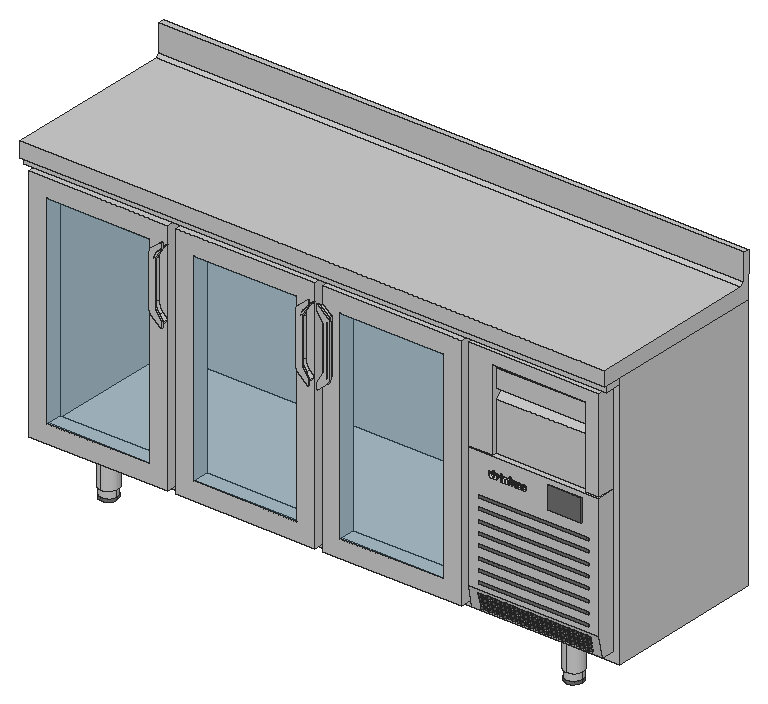
Revit family "QF_INFRICO_FMPP2000CR_250812104341", category Specialty Equipment, Revit 2021 (continued)
Definition of nested family "QF_INFRICO_WORKTOP_BACKSPLASH_7308"
  Types (30, lengths in mm): name | Model | Length | Description | Depth
    ENC12CPBM15 | "ENC12CPBM15" | 1468 | "WORKTOP WITH BACKSPLASH" | 600
    ENC12CPBM25 | "ENC12CPBM25" | 2452 | "WORKTOP WITH BACKSPLASH" | 600
    ENC12CPBM15R | "ENC12CPBM15R" | 1160 | "WORKTOP WITH BACKSPLASH" | 600
    ENC12CPBM20R | "ENC12CPBM20R" | 1652 | "WORKTOP WITH BACKSPLASH" | 600
    ENC12CPBM25R | "ENC12CPBM25R" | 2144 | "WORKTOP WITH BACKSPLASH" | 600
    ENC12CPME10 | "ENC12CPME10" | 978 | "WORKTOP WITH BACKSPLASH" | 700
    ENC12CPME14 | "ENC12CPME14" | 1460 | "WORKTOP WITH BACKSPLASH" | 700
    ENC12CPMC8 | "ENC12CPGN19" | 820 | "WORKTOP WITH BACKSPLASH" | 600
    ENC12CPMC10 | "ENC12CPGN19" | 1000 | "WORKTOP WITH BACKSPLASH" | 600
    ENC12CPMC15 | "ENC12CPGN19" | 1468 | "WORKTOP WITH BACKSPLASH" | 600
    BKSP10_30 | "BKSP10_30" | 1000 | "WORKTOP WITH BACKSPLASH 1000_300" | 300
    BKSP15_60 | "BKSP15_60" | 1468 | "WORKTOP WITH BACKSPLASH 1500_600" | 600
    BKSP15_30 | "BKSP15_30" | 1468 | "WORKTOP WITH BACKSPLASH 1500_300" | 300
    BKSP20_30 | "BKSP20_30" | 1960 | "WORKTOP WITH BACKSPLASH 2000_300" | 300
    BKSP20_60 | "BKSP20_60" | 1960 | "WORKTOP WITH BACKSPLASH 2000_600" | 600
    BKSP10_60 | "BKSP10_60" | 1000 | "WORKTOP WITH BACKSPLASH 1000_600" | 600
    BKSP10_70_MT | "BKSP10_70_MT" | 1000 | "WORKTOP WITH BACKSPLASH 1000_700" | 700
    BKSP15_60_MT | "BKSP15_60_MT" | 1500 | "WORKTOP WITH BACKSPLASH 1500_600" | 600
    BKSP15_70_MT | "BKSP15_70_MT" | 1500 | "WORKTOP WITH BACKSPLASH 1500_700" | 700
    BKSP20_60_MT | "BKSP20_60_MT" | 2000 | "WORKTOP WITH BACKSPLASH 2000_600" | 600
    BKSP20_70_MT | "BKSP20_70_MT" | 2000 | "WORKTOP WITH BACKSPLASH 2000_700" | 700
    BKSP25_30 | "BKSP25_30" | 2452 | "WORKTOP WITH BACKSPLASH 2500_300" | 300
    BKSP25_60 | "BKSP25_60" | 2452 | "WORKTOP WITH BACKSPLASH 2500_600" | 600
  Reference planes
    plane 1 "Back": y = 0
    plane 2: z = 0
    plane 3 "Left": x = 0
    plane 4 "Right": x = 1000
    plane 5 "Front": y = -600
    plane 6 "Top": z = 150.03
  Forms (mm)
    Extrusion 1, solid
      sketch origin (0, 0, -660) x (0, 1, 0) y (0, 0, 1)
        loop
          line (0, 660) -> (0, 810.03) -> (-20, 810.03) -> (-20, 720.071) -> (-30.071, 710) -> (-600, 710) -> (-600, 660) -> (0, 660)
      from 0 to 1000
  Lines and regions (mm)
    symbolic lines
      curve 1: line (0, -600, 0) -> (1000, -600, 0)
      curve 2: line (0, 0, 0) -> (0, -600, 0)
      curve 3: line (1000, -600, 0) -> (1000, 0, 0)
      curve 4: line (1000, 0, 0) -> (0, 0, 0)
      curve 5: line (0, -20, 0) -> (1000, -20, 0)
  Dimensions and locks
    plane 6 "Top" to level = 150.03 mm
    plane 4 "Right" to plane 3 "Left" = 1000 mm
    "Length": plane 3 "Left" to plane 4 "Right"
    "Depth": plane 5 "Front" to plane 1 "Back"
    aligned and locked: level to plane 2
    aligned and locked: Extrusion 1 to plane 4 "Right"
  Automatic sketch dimensions
    curve 1 to plane 3 "Left" = 0 mm
    plane 1 "Back" to curve 4 = 0 mm
    curve 4 to plane 4 "Right" = 0 mm
    curve 1 to plane 5 "Front" = 0 mm
    plane 1 "Back" to curve 5 = 20 mm
    Extrusion 1 sketch curve to level = 0 mm
    Extrusion 1 sketch curve to plane 5 "Front" = 0 mm
    Extrusion 1 sketch curve to plane 6 "Top" = 0 mm
    Extrusion 1 sketch curve to plane 1 "Back" = 0 mm
    plane 1 "Back" to Extrusion 1 sketch curve = 30.071 mm
    Extrusion 1 sketch curve to Extrusion 1 sketch curve = 10.071 mm  (x2)
    level to Extrusion 1 sketch curve = 50 mm
Definition of nested family "QF_INFRICO_LEGS_8144"
  Parameters (values of type "LEGS_2190_740")
    Weight [instance] = 0.00 kg
    Warranty Start Date [instance] = ""
    Warranty Duration [instance] = ""
    URL Cutsheet [instance] = ""
    URL = "www.infrico.com"
    Technical Documentation [instance] = ""
    Tag Number [instance] = ""
    Status [instance] = ""
    Specification by User [instance] = ""
    Specification by Manufacturer [instance] = ""
    Sound Level [instance] = ""
    Solid Fuel Type [instance] = ""
    Show Logo [instance] = yes
    Show Clearances [instance] = yes
    Show Clearance [instance] = yes
    Service Life Duration [instance] = ""
    Serial Number [instance] = ""
    Seismic Rating [instance] = ""
    SMACNA No [instance] = ""
    Revision Code [instance] = ""
    Revision [instance] = ""
    Production Year [instance] = ""
    Point Load [instance] = 0
    Other Equipment Approvals [instance] = ""
    NAFEM Spec ID Number [instance] = ""
    Model Warning [instance] = ""
    Model = "LEGS_2190_740"
    Masterspec [instance] = ""
    Manufacturer = "INFRICO"
    Length Actual [instance] = 0 mm
    Length = 2185 mm
    Item Number [instance] = ""
    Installed By [instance] = ""
    Installation Date [instance] = ""
    Identify Quantity as Lot [instance] = yes
    ID [instance] = ""
    Hygiene Approval [instance] = ""
    Height Actual [instance] = 0 mm
    Height = 140 mm
    Furnished By [instance] = ""
    Foodservice Equipment Identifier [instance] = yes
    ETL Approved [instance] = yes
    Description = "LEGS"
    Depth Actual [instance] = 0 mm
    Depth = 738 mm
    Default Elevation = 0 mm
    CentralLegs = if(or(Length > 2200 mm, Length = 2144 mm), 2 > 1, 2 < 1)  # no
    CSI MasterFormat [instance] = ""
    CE Approved [instance] = yes
    Barcode [instance] = ""
    Author [instance] = ""
    Asset Identifier [instance] = ""
    Assembly Code = "E1090320"
    Accessory [instance] = yes
  Types (29, lengths in mm): name | Model | Length | Height | Depth | CentralLegs
    LEGS_1960_700 | "LEGS_1960_700" | 1960 | 140 | 700 | no
    LEGS_1470_700 | "LEGS_1470_700" | 1468 | 140 | 700 | no
    LEGS_2450_700 | "LEGS_2450_700" | 2452 | 140 | 700 | yes
    LEGS_1470_600 | "LEGS_1470_600" | 1468 | 140 | 600 | no
    LEGS_1960_600 | "LEGS_1960_600" | 1960 | 140 | 600 | no
    LEGS_2450_600 | "LEGS_2450_600" | 2452 | 140 | 600 | yes
    LEGS_1610_800 | "LEGS_1610_800" | 1618 | 140 | 800 | no
    LEGS_2190_800 | "LEGS_2190_800" | 2185 | 140 | 800 | no
    LEGS_2750_800 | "LEGS_2750_800" | 2752 | 140 | 800 | yes
    LEGS_1160_700 | "LEGS_1160_700" | 1160 | 140 | 700 | no
    LEGS_1650_700 | "LEGS_1650_700" | 1652 | 140 | 700 | no
    LEGS_2140_700 | "LEGS_2140_700" | 2144 | 140 | 700 | yes
    LEGS_1960_640 | "LEGS_1960_640" | 1960 | 140 | 638 | no
    LEGS_1470_640 | "LEGS_1470_640" | 1468 | 140 | 638 | no
    LEGS_1160_600 | "LEGS_1160_600" | 1160 | 140 | 600 | no
    LEGS_1650_600 | "LEGS_1650_600" | 1652 | 140 | 600 | no
    LEGS_1310_800 | "LEGS_1310_800" | 1310 | 140 | 800 | no
    LEGS_1890_800 | "LEGS_1890_800" | 1877 | 140 | 800 | no
    LEGS_2440_800 | "LEGS_2440_800" | 2444 | 140 | 800 | yes
    LEGS_1610_740 | "LEGS_1610_740" | 1618 | 140 | 738 | no
    LEGS_2190_740 | "LEGS_2190_740" | 2185 | 140 | 738 | no
    LEGS_2140_600 | "LEGS_2140_600" | 2144 | 140 | 600 | yes
    LEGS_980_800 | "LEGS_980_800" | 980 | 150 | 800 | no
    LEGS_1470_800 | "LEGS_1470_800" | 1468 | 150 | 800 | no
    LEGS_1740_800 | "LEGS_1740_800" | 1738 | 140 | 800 | no
    LEGS_2300_800 | "LEGS_2300_800" | 2305 | 140 | 800 | yes
    LEGS_1690_800 | "LEGS_1690_800" | 1693 | 140 | 800 | no
    LEGS_2260_800 | "LEGS_2260_800" | 2260 | 140 | 800 | yes
    LEGS_1460_700 | "LEGS_1460_700" | 1460 | 140 | 700 | no
  Reference planes
    plane 1 "Back": y = 0
    plane 2: z = 0
    plane 3 "Left": x = 0
    plane 4 "Right": x = 2185
    plane 5 "Front": y = -738
    plane 6 "Top": z = 140
    plane 7 "Central": x = 1092.5
  Forms (mm)
    Extrusion 1, solid
      sketch origin (0, 0, 140) x (0, 1, 0) y (-1, 0, 0)
        loop
          line (-568, -154.986) -> (-668, -154.986) -> (-668, -244.986) -> (-568, -244.986) -> (-568, -154.986)
      from 0 to -3
    Extrusion 2, solid
      sketch origin (0, 0, 0) x (1, 0, 0) y (0, 1, 0)
        loop
          circle (199.986, -618) r 28
      from 9 to 35
    Extrusion 3, solid
      sketch origin (0, 0, 0) x (1, 0, 0) y (0, 1, 0)
        loop
          circle (199.986, -618) r 28.5
      from 0 to 9
    Sweep 4, solid
      path origin (0, 0, 0) x (0, 1, 0) y (0, 0, 1)
        loop
          line (-618, 35) -> (-618, 137)
      profile origin (0, -618, 86) x (0, -1, 0) y (1, 0, 0)
        loop
          circle (0, 199.986) r 32
    Extrusion 5, solid
      sketch origin (0, 500, 140) x (0, 1, 0) y (-1, 0, 0)
        loop
          line (-530, -154.986) -> (-630, -154.986) -> (-630, -244.986) -> (-530, -244.986) -> (-530, -154.986)
      from 0 to -3
    Extrusion 6, solid
      sketch origin (0, 500, 0) x (1, 0, 0) y (0, 1, 0)
        loop
          circle (199.986, -580) r 28
      from 9 to 35
    Extrusion 7, solid
      sketch origin (0, 500, 0) x (1, 0, 0) y (0, 1, 0)
        loop
          circle (199.986, -580) r 28.5
      from 0 to 9
    Sweep 8, solid
      path origin (0, 500, 0) x (0, 1, 0) y (0, 0, 1)
        loop
          line (-580, 35) -> (-580, 137)
      profile origin (0, -80, 86) x (0, -1, 0) y (1, 0, 0)
        loop
          circle (0, 199.986) r 32
    Extrusion 9, solid
      sketch origin (1560, 0, 140) x (0, 1, 0) y (-1, 0, 0)
        loop
          line (-568, -379.986) -> (-668, -379.986) -> (-668, -469.986) -> (-568, -469.986) -> (-568, -379.986)
      from 0 to -3
    Extrusion 10, solid
      sketch origin (1560, 0, 0) x (1, 0, 0) y (0, 1, 0)
        loop
          circle (424.986, -618) r 28
      from 9 to 35
    Extrusion 11, solid
      sketch origin (1560, 0, 0) x (1, 0, 0) y (0, 1, 0)
        loop
          circle (424.986, -618) r 28.5
      from 0 to 9
    Sweep 12, solid
      path origin (2185, 0, 0) x (0, -1, 0) y (0, 0, 1)
        loop
          line (618, 35) -> (618, 137)
      profile origin (2185, -618, 86) x (0, 1, 0) y (-1, 0, 0)
        loop
          circle (0, 199.986) r 32
    Extrusion 13, solid
      sketch origin (1560, 500, 140) x (0, 1, 0) y (-1, 0, 0)
        loop
          line (-530, -379.986) -> (-630, -379.986) -> (-630, -469.986) -> (-530, -469.986) -> (-530, -379.986)
      from 0 to -3
    Extrusion 14, solid
      sketch origin (1560, 500, 0) x (1, 0, 0) y (0, 1, 0)
        loop
          circle (424.986, -580) r 28
      from 9 to 35
    Extrusion 15, solid
      sketch origin (1560, 500, 0) x (1, 0, 0) y (0, 1, 0)
        loop
          circle (424.986, -580) r 28.5
      from 0 to 9
    Sweep 16, solid
      path origin (2185, 0, 0) x (0, -1, 0) y (0, 0, 1)
        loop
          line (80, 35) -> (80, 137)
      profile origin (2185, -80, 86) x (0, 1, 0) y (-1, 0, 0)
        loop
          circle (0, 199.986) r 32
    Extrusion 17, solid, visible <- "CentralLegs"
      sketch origin (534.014, 0, 140) x (0, 1, 0) y (-1, 0, 0)
        loop
          line (-568, -513.486) -> (-668, -513.486) -> (-668, -603.486) -> (-568, -603.486) -> (-568, -513.486)
      from 0 to -3
    Extrusion 18, solid, visible <- "CentralLegs"
      sketch origin (534.014, 0, 0) x (1, 0, 0) y (0, 1, 0)
        loop
          circle (558.486, -618) r 28
      from 9 to 35
    Extrusion 19, solid, visible <- "CentralLegs"
      sketch origin (534.014, 0, 0) x (1, 0, 0) y (0, 1, 0)
        loop
          circle (558.486, -618) r 28.5
      from 0 to 9
    Sweep 20, solid, visible <- "CentralLegs"
      path origin (1092.5, 0, 0) x (0, -1, 0) y (0, 0, 1)
        loop
          line (618, 35) -> (618, 137)
      profile origin (1092.5, -618, 86) x (0, 1, 0) y (-1, 0, 0)
        loop
          circle (0, -0.014) r 32
    Extrusion 21, solid, visible <- "CentralLegs"
      sketch origin (534.014, 500, 140) x (0, 1, 0) y (-1, 0, 0)
        loop
          line (-530, -513.486) -> (-630, -513.486) -> (-630, -603.486) -> (-530, -603.486) -> (-530, -513.486)
      from 0 to -3
    Extrusion 22, solid, visible <- "CentralLegs"
      sketch origin (534.014, 500, 0) x (1, 0, 0) y (0, 1, 0)
        loop
          circle (558.486, -580) r 28
      from 9 to 35
    Extrusion 23, solid, visible <- "CentralLegs"
      sketch origin (534.014, 500, 0) x (1, 0, 0) y (0, 1, 0)
        loop
          circle (558.486, -580) r 28.5
      from 0 to 9
    Sweep 24, solid, visible <- "CentralLegs"
      path origin (1092.5, 0, 0) x (0, -1, 0) y (0, 0, 1)
        loop
          line (80, 35) -> (80, 137)
      profile origin (1092.5, -80, 86) x (0, 1, 0) y (-1, 0, 0)
        loop
          circle (0, -0.014) r 32
  Dimensions and locks
    "Length": plane 3 "Left" to plane 4 "Right"
    "Depth": plane 1 "Back" to plane 5 "Front"
    "Height": plane 6 "Top" to plane 2
    equal spacing: plane 3 "Left", plane 7 "Central", plane 4 "Right"
    locked: Sweep 20 sketch curve to profile plane at 0.014
    locked: Sweep 24 sketch curve to profile plane at 0.014
    aligned and locked: level to plane 2
  Automatic sketch dimensions
    plane 5 "Front" to Extrusion 1 sketch curve = 70 mm
    Extrusion 1 sketch curve to Extrusion 1 sketch curve = 100 mm
    plane 3 "Left" to Extrusion 1 sketch curve = 244.986 mm
    Extrusion 1 sketch curve to Extrusion 1 sketch curve = 90 mm
    plane 3 "Left" to Extrusion 2 sketch curve = 199.986 mm
    plane 5 "Front" to Extrusion 2 sketch curve = 120 mm
    plane 3 "Left" to Extrusion 3 sketch curve = 199.986 mm
    plane 5 "Front" to Extrusion 3 sketch curve = 120 mm
    Sweep 4 sketch curve to plane 6 "Top" = 3 mm
    plane 5 "Front" to Sweep 4 sketch curve = 120 mm
    level to Sweep 4 sketch curve = 35 mm
    Sweep 4 sketch curve to profile plane = 0 mm
    plane 3 "Left" to Sweep 4 sketch curve = 199.986 mm
    plane 1 "Back" to Extrusion 5 sketch curve = 130 mm
    plane 1 "Back" to Extrusion 5 sketch curve = 30 mm
    plane 3 "Left" to Extrusion 5 sketch curve = 244.986 mm
    Extrusion 5 sketch curve to Extrusion 5 sketch curve = 90 mm
    plane 1 "Back" to Extrusion 6 sketch curve = 80 mm
    plane 3 "Left" to Extrusion 6 sketch curve = 199.986 mm
    plane 1 "Back" to Extrusion 7 sketch curve = 80 mm
    plane 3 "Left" to Extrusion 7 sketch curve = 199.986 mm
    Sweep 8 sketch curve to plane 6 "Top" = 3 mm
    plane 1 "Back" to Sweep 8 sketch curve = 80 mm
    level to Sweep 8 sketch curve = 35 mm
    Sweep 8 sketch curve to profile plane = 0 mm
    plane 3 "Left" to Sweep 8 sketch curve = 199.986 mm
    plane 5 "Front" to Extrusion 9 sketch curve = 70 mm
    Extrusion 9 sketch curve to Extrusion 9 sketch curve = 100 mm
    plane 4 "Right" to Extrusion 9 sketch curve = 155.014 mm
    Extrusion 9 sketch curve to Extrusion 9 sketch curve = 90 mm
    plane 4 "Right" to Extrusion 10 sketch curve = 200.014 mm
    plane 5 "Front" to Extrusion 10 sketch curve = 120 mm
    plane 4 "Right" to Extrusion 11 sketch curve = 200.014 mm
    plane 5 "Front" to Extrusion 11 sketch curve = 120 mm
    Sweep 12 sketch curve to profile plane = 0 mm
    profile plane to Sweep 12 sketch curve = 199.986 mm
    plane 1 "Back" to Extrusion 13 sketch curve = 130 mm
    plane 1 "Back" to Extrusion 13 sketch curve = 30 mm
    plane 4 "Right" to Extrusion 13 sketch curve = 155.014 mm
    Extrusion 13 sketch curve to Extrusion 13 sketch curve = 90 mm
    plane 1 "Back" to Extrusion 14 sketch curve = 80 mm
    plane 4 "Right" to Extrusion 14 sketch curve = 200.014 mm
    plane 1 "Back" to Extrusion 15 sketch curve = 80 mm
    plane 4 "Right" to Extrusion 15 sketch curve = 200.014 mm
    Sweep 16 sketch curve to profile plane = 0 mm
    profile plane to Sweep 16 sketch curve = 199.986 mm
    plane 5 "Front" to Extrusion 17 sketch curve = 70 mm
    Extrusion 17 sketch curve to plane 7 "Central" = 45 mm
    Extrusion 17 sketch curve to Extrusion 17 sketch curve = 100 mm
    plane 7 "Central" to Extrusion 17 sketch curve = 45 mm
    Extrusion 18 sketch curve to plane 7 "Central" = 0 mm
    plane 5 "Front" to Extrusion 18 sketch curve = 120 mm
    Extrusion 19 sketch curve to plane 7 "Central" = 0 mm
    plane 5 "Front" to Extrusion 19 sketch curve = 120 mm
    Sweep 20 sketch curve to profile plane = 0 mm
    plane 7 "Central" to Extrusion 21 sketch curve = 45 mm
    plane 1 "Back" to Extrusion 21 sketch curve = 130 mm
    plane 1 "Back" to Extrusion 21 sketch curve = 30 mm
    Extrusion 21 sketch curve to plane 7 "Central" = 45 mm
    Extrusion 22 sketch curve to plane 7 "Central" = 0 mm
    plane 1 "Back" to Extrusion 22 sketch curve = 80 mm
    Extrusion 23 sketch curve to plane 7 "Central" = 0 mm
    plane 1 "Back" to Extrusion 23 sketch curve = 80 mm
    Sweep 24 sketch curve to profile plane = 0 mm
    Sweep 16 sketch curve to plane 6 "Top" = 3 mm
    plane 1 "Back" to Sweep 16 sketch curve = 80 mm
    level to Sweep 16 sketch curve = 35 mm
    Sweep 12 sketch curve to plane 6 "Top" = 3 mm
    plane 5 "Front" to Sweep 12 sketch curve = 120 mm
    level to Sweep 12 sketch curve = 35 mm
    Sweep 20 sketch curve to plane 6 "Top" = 3 mm
    plane 5 "Front" to Sweep 20 sketch curve = 120 mm
    level to Sweep 20 sketch curve = 35 mm
    Sweep 24 sketch curve to plane 6 "Top" = 3 mm
    plane 1 "Back" to Sweep 24 sketch curve = 80 mm
    level to Sweep 24 sketch curve = 35 mm
    radius of Extrusion 2 sketch curve = 28 mm
    radius of Extrusion 3 sketch curve = 28.5 mm
    radius of Sweep 4 sketch curve = 32 mm
    radius of Extrusion 6 sketch curve = 28 mm
    radius of Extrusion 7 sketch curve = 28.5 mm
    radius of Sweep 8 sketch curve = 32 mm
    radius of Extrusion 10 sketch curve = 28 mm
    radius of Extrusion 11 sketch curve = 28.5 mm
    radius of Sweep 12 sketch curve = 32 mm
    radius of Extrusion 14 sketch curve = 28 mm
    radius of Extrusion 15 sketch curve = 28.5 mm
    radius of Sweep 16 sketch curve = 32 mm
    radius of Extrusion 18 sketch curve = 28 mm
    radius of Extrusion 19 sketch curve = 28.5 mm
    radius of Sweep 20 sketch curve = 32 mm
    radius of Extrusion 22 sketch curve = 28 mm
    radius of Extrusion 23 sketch curve = 28.5 mm
    radius of Sweep 24 sketch curve = 32 mm
Definition of nested family "CONN_POINT_DRAIN_2D___Generic_Annotation"
  Parameters (values of type "CONN_POINT_DRAIN_2D___Generic_Annotation")
    Onboard connection annotation symbol visibility [instance] = yes
  Reference planes
    plane 1: y = 0
    plane 2: x = 0
  Lines and regions (mm)
    detail lines, visible <- "Onboard connection annotation symbol visibility"
      curve 1: circle (0, 0, 0) r 0.5 normal (0, 0, 1)
      curve 2: line (-1, 0, 0) -> (1, 0, 0)
      curve 3: line (0, 1, 0) -> (0, -1, 0)
      curve 4: line (1.776, 1, 0) -> (1.25, 1, 0)
      curve 5: line (1.25, 1, 0) -> (1.25, -1, 0)
      curve 6: line (1.25, -1, 0) -> (1.776, -1, 0)
      curve 7: arc (2.206, -0.862, 0) -> (2.459, -0.589, 0) -> (2.583, -0.238, 0) r 0.918
      curve 8: arc (2.583, 0.238, 0) -> (2.459, 0.589, 0) -> (2.206, 0.862, 0) r 0.918
      curve 9: arc (2.583, -0.238, 0) -> (2.599, 0, 0) -> (2.583, 0.238, 0) r 1.77
      curve 10: arc (2.206, 0.862, 0) -> (2.002, 0.965, 0) -> (1.776, 1, 0) r 0.741
      curve 11: arc (1.776, -1, 0) -> (2.002, -0.965, 0) -> (2.206, -0.862, 0) r 0.741
Definition of nested family "CONN_POINT_ELE_2D___Generic_Annotation"
  Parameters (values of type "CONN_POINT_ELE_2D___Generic_Annotation")
    Onboard connection annotation symbol visibility [instance] = yes
  Reference planes
    plane 1: y = 0
    plane 2: x = 0
  Lines and regions (mm)
    detail lines, visible <- "Onboard connection annotation symbol visibility"
      curve 1: circle (0, 0, 0) r 0.5 normal (0, 0, 1)
      curve 2: line (-1, 0, 0) -> (1, 0, 0)
      curve 3: line (0, 1, 0) -> (0, -1, 0)
      curve 4: line (2.5, 1, 0) -> (1.25, 1, 0)
      curve 5: line (1.25, 1, 0) -> (1.25, -1, 0)
      curve 6: line (1.25, -1, 0) -> (2.5, -1, 0)
      curve 7: line (1.25, 0, 0) -> (2, 0, 0)
